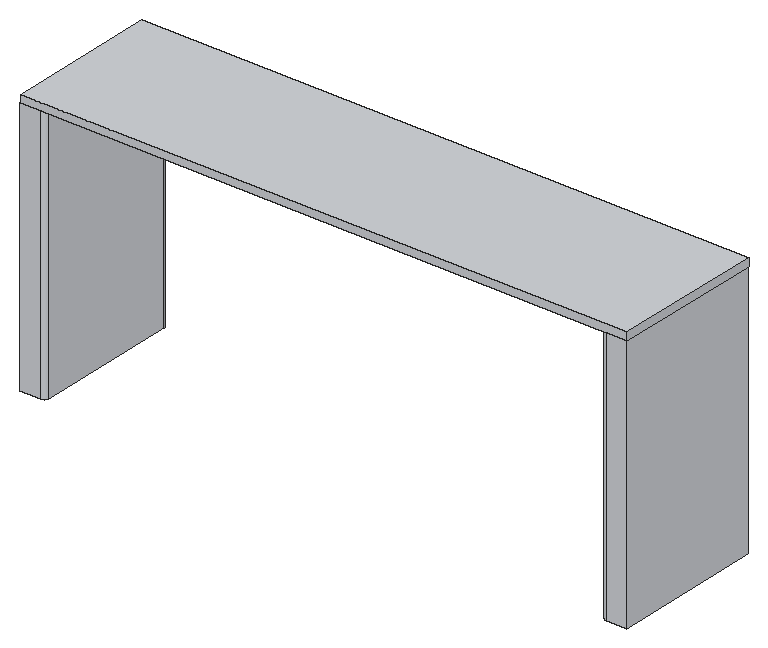
Revit family "Bernhardt_Design-Tables-Freestanding-Block_42h_Narrow-Blueprint", category Furniture, Revit 2016
Family settings
  OmniClass Number = 23.40.20.00
  OmniClass Title = General Furniture and Specialties
  Work Plane-Based = No
  Always vertical = Yes
  Cut with Voids When Loaded = No
  Shared = No
  Room Calculation Point = No
Parameters (values of type "BPS-CKV-CCSQ000")
  Wood = none
  URL = "http://www.bernhardtdesign.com"
  TotalWidth = 96"
  TotalDepth = 24"
  TableWidth = TotalWidth / 2  # 48"
  TableTopHeight = TotalHeight - 1 1/4"  # 40 3/4"
  TotalHeight = 42"
  TableTop = none
  TableDepth = TotalDepth / 2  # 12"
  Spacer_96in = yes
  Spacer_72in = yes
  Spacer_120in = no
  SKU = "BPS-CKV-CCSQ000"
  RailCapFront = RailCap + 2"  # 2"
  RailCap = 0"
  Model = "Blueprint"  # constant formula
  Manufacturer = "Bernhardt Design"  # constant formula
  Railing_bottom = -Railing_top  # -42"
  Railing_top = CapDistance - 2"  # 42"
  LegDistance = 20"
  LegHeight = TableTopHeight  # 40 3/4"
  Copyright © = "Copyright © Bernhardt Design"  # constant formula
  Catalog = SKU  # "BPS-CKV-CCSQ000"
  CapDistance = 44"
  Blueprint Gray = Blueprint Gray
  BlackPaint = Black Paint
  Authoring Version = "Autodesk Revit 2016"  # constant formula
Types (6): name | TotalWidth | TotalDepth | TableWidth | TableDepth | Spacer_96in | SKU | Railing_bottom | Railing_top | Catalog | CapDistance
  BPS-CGV-CCSQ000 | 72" | 24" | 36" | 12" | no | "BPS-CGV-CCSQ000" | -30" | 30" | "BPS-CGV-CCSQ000" | 32"
  BPS-CKV-CCSQ000 | 96" | 24" | 48" | 12" | yes | "BPS-CKV-CCSQ000" | -42" | 42" | "BPS-CKV-CCSQ000" | 44"
  BPS-C0V-CCSQ000 | 120" | 24" | 60" | 12" | yes | "BPS-C0V-CCSQ000" | -54" | 54" | "BPS-C0V-CCSQ000" | 56"
  BPS-CG0-CCSQ000 | 72" | 30" | 36" | 15" | no | "BPS-CG0-CCSQ000" | -30" | 30" | "BPS-CG0-CCSQ000" | 32"
  BPS-C00-CCSQ000 | 120" | 30" | 60" | 15" | yes | "BPS-C00-CCSQ000" | -54" | 54" | "BPS-C00-CCSQ000" | 56"
  BPS-CK0-CCSQ000 | 96" | 30" | 48" | 15" | yes | "BPS-CK0-CCSQ000" | -42" | 42" | "BPS-CK0-CCSQ000" | 44"
Reference planes (in)
  plane 1 "Center Front/Back": y = 0
  plane 2: z = 0
  plane 3 "Center Left/Right": x = 0
  plane 4 "railTop_plane": z = 39.8248
  plane 5 "TableTop_plane": z = 42
  plane 6 "tableBottom_plane": z = 40.75
  plane 7 "railBottom_plane": z = 37.79724
  plane 8 "Crossbar_top_plane": y = 12.06057
  plane 9 "Crossbar_bottom_plane": y = -12.16143
  plane 10 "width_left_plane": x = -48
  plane 11 "width_right_plane": x = 48
  plane 12 "depth_top_plane": y = 12
  plane 13 "depth_bottom_plane": y = -12
  plane 14 "RailEnd_right_plane": x = 44
  plane 15 "RailEnd_left_plane": x = -44
  plane 16 "EndCap_right_plane": x = 45.74932
  plane 17 "EndCap_left_plane": x = -45.74269
Forms (in)
  Extrusion 1, solid, material <- "TableTop"
    sketch origin (0, 0, 0) x (1, 0, 0) y (0, 1, 0)
      loop
        line (-48, 12) -> (-48, -12) -> (48, -12) -> (48, 12) -> (-48, 12)
    from 42 <- "TotalHeight" to 40.75 <- "TableTopHeight"
  Extrusion 2, solid, material "Blueprint Gray" <- "Blueprint Gray"
    sketch origin (0, -6.68362, 17.41142) x (0, -1, 0) y (0, 0, 1)
      loop
        arc (-2.89737, 22.41338) -> (-2.95223, 22.39066) -> (-2.97495, 22.3358) r 0.07758
        line (-2.97495, 22.3358) -> (-2.97495, 20.46243)
        arc (-2.97495, 20.46243) -> (-2.95252, 20.40826) -> (-2.89835, 20.38583) r 0.0766
        line (-2.89835, 20.38583) -> (-1.25923, 20.38583)
        arc (-1.25923, 20.38583) -> (-1.20442, 20.40853) -> (-1.18172, 20.46334) r 0.07751
        line (-1.18172, 20.46334) -> (-1.18172, 22.334)
        arc (-1.18172, 22.334) -> (-1.20497, 22.39013) -> (-1.2611, 22.41338) r 0.07938
        line (-1.2611, 22.41338) -> (-2.89737, 22.41338)
      loop
        arc (-12.10603, 22.41338) -> (-12.16089, 22.39066) -> (-12.18362, 22.3358) r 0.07758
        line (-12.18362, 22.3358) -> (-12.18362, 20.46243)
        arc (-12.18362, 20.46243) -> (-12.16118, 20.40826) -> (-12.10701, 20.38583) r 0.0766
        line (-12.10701, 20.38583) -> (-10.4679, 20.38583)
        arc (-10.4679, 20.38583) -> (-10.41309, 20.40853) -> (-10.39038, 20.46334) r 0.07751
        line (-10.39038, 20.46334) -> (-10.39038, 22.334)
        arc (-10.39038, 22.334) -> (-10.41363, 22.39013) -> (-10.46976, 22.41338) r 0.07938
        line (-10.46976, 22.41338) -> (-12.10603, 22.41338)
    from -42 <- "Railing_bottom" to 42 <- "Railing_top"
  Extrusion 3, solid, material "Blueprint Gray" <- "Blueprint Gray"
    sketch origin (44, 0, 0) x (0, 0, -1) y (0, -1, 0)
      loop
        line (-40.75, -5.53436) -> (-37.7432, -5.53436) -> (-37.7432, -3.65936) -> (-40.75, -3.65936) -> (-40.75, -5.53436)
      loop
        line (-40.75, 3.65936) -> (-37.7432, 3.65936) -> (-37.7432, 5.52374) -> (-40.75, 5.52374) -> (-40.75, 3.65936)
    from 0 <- "RailCap" to 2 <- "RailCapFront"
  Extrusion 4, solid, material "Blueprint Gray" <- "Blueprint Gray"
    sketch origin (-44, 0, 0) x (0, 0, 1) y (0, -1, 0)
      loop
        line (40.75, -5.53436) -> (40.75, -3.65936) -> (37.7432, -3.65936) -> (37.7432, -5.53436) -> (40.75, -5.53436)
      loop
        line (40.75, 3.65936) -> (40.75, 5.52374) -> (37.7432, 5.52374) -> (37.7432, 3.65936) -> (40.75, 3.65936)
    from 0 <- "RailCap" to 2 <- "RailCapFront"
  Extrusion 5, solid, material "Blueprint Gray" <- "Blueprint Gray", visible <- "Spacer_72in"
    sketch origin (13.14909, 0, 0) x (0, -1, 0) y (0, 0, 1)
      loop
        line (-5.50051, 40.75) -> (-5.50051, 39.8248) -> (-3.6733, 39.8248) -> (-3.6733, 40.75) -> (-5.50051, 40.75)
      loop
        line (3.66998, 40.75) -> (3.66998, 39.8248) -> (5.49719, 39.8248) -> (5.49719, 40.75) -> (3.66998, 40.75)
    from 12.39763 to 13.89763
  Extrusion 6, solid, material "Blueprint Gray" <- "Blueprint Gray", visible <- "Spacer_72in"
    sketch origin (-31.18161, 0, 0) x (0, -1, 0) y (0, 0, -1)
      loop
        line (-5.50051, -40.75) -> (-3.6733, -40.75) -> (-3.6733, -39.8248) -> (-5.50051, -39.8248) -> (-5.50051, -40.75)
      loop
        line (3.66998, -40.75) -> (5.49719, -40.75) -> (5.49719, -39.8248) -> (3.66998, -39.8248) -> (3.66998, -40.75)
    from 12.39763 to 13.89763
  Extrusion 7, solid, material "Blueprint Gray" <- "Blueprint Gray", visible <- "Spacer_72in"
    sketch origin (31.18451, 0, 0) x (0, -1, 0) y (0, 0, 1)
      loop
        line (-5.50051, 40.75) -> (-5.50051, 39.8248) -> (-3.6733, 39.8248) -> (-3.6733, 40.75) -> (-5.50051, 40.75)
      loop
        line (3.66998, 40.75) -> (3.66998, 39.8248) -> (5.49719, 39.8248) -> (5.49719, 40.75) -> (3.66998, 40.75)
    from 12.39763 to 13.89763
  Extrusion 8, solid
    sketch origin (-12, -2, 0) x (-1, 0, 0) y (0, -1, 0)
      loop
        line (36, -14) -> (36, 10) -> (32.82201, 10)
        arc (32.82201, 10) -> (32.32077, 9.84235) -> (32, 9.42617) r 0.87568
        line (32, 9.42617) -> (32, -13.42617)
        arc (32, -13.42617) -> (32.32077, -13.84235) -> (32.82201, -14) r 0.87568
        line (32.82201, -14) -> (36, -14)
    from 0 to 40.75 <- "LegHeight"
  Extrusion 9, solid
    sketch origin (12, 0, 0) x (1, 0, 0) y (0, 1, 0)
      loop
        line (36, 12) -> (32.82473, 12)
        arc (32.82473, 12) -> (32.31983, 11.83963) -> (32, 11.4173) r 0.875
        line (32, 11.4173) -> (32, -11.4173)
        arc (32, -11.4173) -> (32.31983, -11.83963) -> (32.82473, -12) r 0.875
        line (32.82473, -12) -> (36, -12) -> (36, 12)
    from 0 to 40.75 <- "LegHeight"
  Extrusion 10, solid, material "Blueprint Gray" <- "Blueprint Gray", visible <- "Spacer_96in"
    sketch origin (-49.21996, 0, 0) x (0, -1, 0) y (0, 0, -1)
      loop
        line (-5.50051, -40.75) -> (-3.6733, -40.75) -> (-3.6733, -39.8248) -> (-5.50051, -39.8248) -> (-5.50051, -40.75)
      loop
        line (3.66998, -40.75) -> (5.49719, -40.75) -> (5.49719, -39.8248) -> (3.66998, -39.8248) -> (3.66998, -40.75)
    from 12.39763 to 13.89763
  Extrusion 11, solid, material "Blueprint Gray" <- "Blueprint Gray", visible <- "Spacer_96in"
    sketch origin (49.21994, 0, 0) x (0, -1, 0) y (0, 0, 1)
      loop
        line (-5.50051, 40.75) -> (-5.50051, 39.8248) -> (-3.6733, 39.8248) -> (-3.6733, 40.75) -> (-5.50051, 40.75)
      loop
        line (3.66998, 40.75) -> (3.66998, 39.8248) -> (5.49719, 39.8248) -> (5.49719, 40.75) -> (3.66998, 40.75)
    from 12.39763 to 13.89763
Dimensions and locks (in)
  "TotalHeight": plane 5 "TableTop_plane" to level
  "TableDepth": plane 1 "Center Front/Back" to plane 12 "depth_top_plane"
  "TableDepth": plane 13 "depth_bottom_plane" to plane 1 "Center Front/Back"
  "TableWidth": plane 10 "width_left_plane" to plane 3 "Center Left/Right"
  "TableWidth": plane 3 "Center Left/Right" to plane 11 "width_right_plane"
  locked: plane 17 "EndCap_left_plane" to plane 15 "RailEnd_left_plane" at 1.74269
  locked: plane 14 "RailEnd_right_plane" to plane 16 "EndCap_right_plane" at 1.74932
  "CapDistance": plane 15 "RailEnd_left_plane" to plane 3 "Center Left/Right"
  "CapDistance": plane 3 "Center Left/Right" to plane 14 "RailEnd_right_plane"
  locked: plane 5 "TableTop_plane" to plane 7 "railBottom_plane" at 4.20276
  locked: plane 4 "railTop_plane" to plane 7 "railBottom_plane" at 2.02756
  locked: plane 6 "tableBottom_plane" to plane 4 "railTop_plane" at 0.9252
  "TotalDepth": Extrusion 8 sketch curve to Extrusion 8 sketch curve
  "TableDepth": plane 1 "Center Front/Back" to Extrusion 8
  "TotalDepth": Extrusion 9 sketch curve to Extrusion 9 sketch curve
  "TableDepth": plane 1 "Center Front/Back" to Extrusion 9
  radius of Extrusion 8 sketch curve = 0.87568"  (x2)
  radius of Extrusion 9 sketch curve = 7/8"  (x2)
  aligned and locked: level to plane 2
  aligned and locked: Extrusion 1 to plane 12 "depth_top_plane"
  aligned and locked: plane 11 "width_right_plane" to Extrusion 1
  aligned and locked: Extrusion 1 to plane 10 "width_left_plane"
  aligned and locked: plane 13 "depth_bottom_plane" to Extrusion 1
  aligned and locked: Extrusion 8 to Extrusion 1
  aligned and locked: Extrusion 9 to Extrusion 1
Automatic sketch dimensions
  plane 7 "railBottom_plane" to Extrusion 2 sketch curve = 0"  (x2)
  plane 4 "railTop_plane" to Extrusion 2 sketch curve = 0"  (x2)
  Extrusion 2 sketch curve to plane 7 "railBottom_plane" = 0.0766"  (x2)
  Extrusion 2 sketch curve to plane 8 "Crossbar_top_plane" = 6.56057"
  Extrusion 2 sketch curve to Extrusion 2 sketch curve = 0.07758"
  Extrusion 2 sketch curve to Extrusion 2 sketch curve = 1.63627"  (x2)
  Extrusion 2 sketch curve to plane 7 "railBottom_plane" = 0.07751"  (x2)
  Extrusion 2 sketch curve to Extrusion 2 sketch curve = 1.63912"  (x2)
  plane 4 "railTop_plane" to Extrusion 2 sketch curve = 0.07758"
  plane 1 "Center Front/Back" to Extrusion 2 sketch curve = 3.70866"
  Extrusion 3 sketch curve to plane 6 "tableBottom_plane" = 0"  (x2)
  plane 7 "railBottom_plane" to Extrusion 3 sketch curve = 0.05404"  (x2)
  Extrusion 3 sketch curve to plane 8 "Crossbar_top_plane" = 6.5262"
  Extrusion 3 sketch curve to Extrusion 3 sketch curve = 1 7/8"
  plane 1 "Center Front/Back" to Extrusion 3 sketch curve = 3.65936"
  Extrusion 3 sketch curve to Extrusion 3 sketch curve = 1.86438"
  Extrusion 4 sketch curve to plane 6 "tableBottom_plane" = 0"  (x2)
  plane 7 "railBottom_plane" to Extrusion 4 sketch curve = 0.05404"  (x2)
  Extrusion 4 sketch curve to plane 8 "Crossbar_top_plane" = 6.5262"
  Extrusion 4 sketch curve to Extrusion 4 sketch curve = 1 7/8"
  plane 1 "Center Front/Back" to Extrusion 4 sketch curve = 3.65936"
  Extrusion 4 sketch curve to Extrusion 4 sketch curve = 1.86438"
  plane 4 "railTop_plane" to Extrusion 5 sketch curve = 0"  (x2)
  Extrusion 5 sketch curve to plane 6 "tableBottom_plane" = 0"  (x2)
  Extrusion 5 sketch curve to plane 8 "Crossbar_top_plane" = 6.56006"
  Extrusion 5 sketch curve to Extrusion 5 sketch curve = 1.82721"  (x2)
  plane 1 "Center Front/Back" to Extrusion 5 sketch curve = 3.66998"
  plane 4 "railTop_plane" to Extrusion 6 sketch curve = 0"  (x2)
  Extrusion 6 sketch curve to plane 6 "tableBottom_plane" = 0"  (x2)
  Extrusion 6 sketch curve to plane 8 "Crossbar_top_plane" = 6.56006"
  Extrusion 6 sketch curve to Extrusion 6 sketch curve = 1.82721"  (x2)
  plane 1 "Center Front/Back" to Extrusion 6 sketch curve = 3.66998"
  plane 4 "railTop_plane" to Extrusion 7 sketch curve = 0"  (x2)
  Extrusion 7 sketch curve to plane 6 "tableBottom_plane" = 0"  (x2)
  Extrusion 7 sketch curve to plane 8 "Crossbar_top_plane" = 6.56006"
  Extrusion 7 sketch curve to Extrusion 7 sketch curve = 1.82721"  (x2)
  plane 1 "Center Front/Back" to Extrusion 7 sketch curve = 3.66998"
  plane 4 "railTop_plane" to Extrusion 10 sketch curve = 0"  (x2)
  Extrusion 10 sketch curve to plane 6 "tableBottom_plane" = 0"  (x2)
  Extrusion 10 sketch curve to plane 8 "Crossbar_top_plane" = 6.56006"
  Extrusion 10 sketch curve to Extrusion 10 sketch curve = 1.82721"  (x2)
  plane 1 "Center Front/Back" to Extrusion 10 sketch curve = 3.66998"
  plane 4 "railTop_plane" to Extrusion 11 sketch curve = 0"  (x2)
  Extrusion 11 sketch curve to plane 6 "tableBottom_plane" = 0"  (x2)
  Extrusion 11 sketch curve to plane 8 "Crossbar_top_plane" = 6.56006"
  Extrusion 11 sketch curve to Extrusion 11 sketch curve = 1.82721"  (x2)
  plane 1 "Center Front/Back" to Extrusion 11 sketch curve = 3.66998"
  Extrusion 1 sketch curve to plane 10 "width_left_plane" = 0"
  Extrusion 1 sketch curve to plane 11 "width_right_plane" = 0"
  plane 13 "depth_bottom_plane" to Extrusion 1 sketch curve = 0"
  plane 12 "depth_top_plane" to Extrusion 1 sketch curve = 0"
  Extrusion 8 sketch curve to plane 15 "RailEnd_left_plane" = 0"
  plane 12 "depth_top_plane" to Extrusion 8 sketch curve = 0"
  Extrusion 8 sketch curve to plane 10 "width_left_plane" = 0"
  Extrusion 8 sketch curve to Extrusion 8 sketch curve = 0.82201"  (x2)
  Extrusion 9 sketch curve to plane 14 "RailEnd_right_plane" = 0"
  plane 13 "depth_bottom_plane" to Extrusion 9 sketch curve = 0"
  Extrusion 9 sketch curve to plane 11 "width_right_plane" = 0"
  Extrusion 9 sketch curve to Extrusion 9 sketch curve = 0.82473"  (x2)
